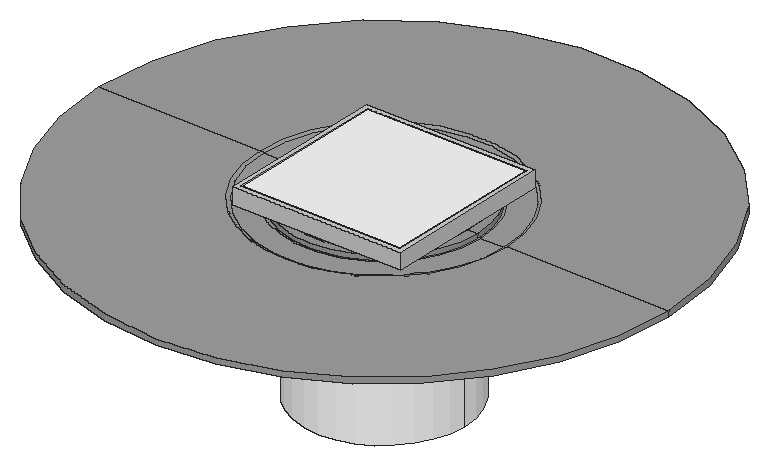
Revit family "HL_RU_Floor drain_HL72.1H-A-160411", category Instalační zařizovací předměty, Revit 2021
Family settings
  Kóta kulaté spojky = Použít průměr
  Typ dílu = Normální
  Číslo OmniClass = 23.70.50.21.24.14
  Nadpis OmniClass = Deck Waste Water Drains
  Založené na pracovní rovině = Ne
  Vždy vertikální = Ano
  Ořezat dutým tvarem při načtení = Ne
  Sdílené = Ano
  Bod výpočtu místnosti = Ano
Parameters (values of type "HL72.1H")
  РЕШЁТКА = "138x138mm / Kunststoff"
  РАЗМЕР = "DN75/110"
  ПРОПУСКНАЯ СПОСОБНОСТЬ = 1.5 L/s
  ПРОИЗВОДИТЕЛЬНОСТЬ = "1,5 l/s"
  ПРАВОВАЯ ИНФОРМАЦИЯ = "Авторские права(©), права на дизайн или какие либо другие права интелектуальной собственности являются исключительной собственностью компании HL Hutterer & Lechner. Изменению не подлежит. Файл семейства с данными о прозводителе изделия защищен паролем с водяным знаком."  # constant formula
  НОМИНАЛЬНЫЙ ДИАМЕТР = 110 mm
  НАСАДКА = "20-70mm / 147x147mm / PP"
  МАТЕРИАЛ = "PP"
  МАКСИМАЛЬНАЯ НАГРУЗКА КЛАССА = "K3 - 300 kg"
  ВЫСОТА МОНТАЖА = "170mm"
  ВЕС = "2,08 [kg]"
  Výchozí výška = 0 mm
  Přípoj ventilace = no
  Výrobce = "HL Hutterer & Lechner GmbH"  # constant formula
  URL = "http://www.hutterer-lechner.com/ru/products/catalog/floor-drains/attachments/HL72.1h.aspx"
  Přípoj odpadních dílů = yes
  Přípoj HW = no
  Popis = "Трапы для внутренних помещений"
  Model = "HL72.1H"
  Komentáře k typům = "HL72.1H Трап для внутренних помещений DN75/110 горизонтальный с битумным полотном, 147х147мм/138х138 синтетический материал."
  Keynote = "HL72.1H"
  Высота монтажа [instance] = 170 mm
  EAN = "9003076997213"
  E = НОМИНАЛЬНЫЙ ДИАМЕТР = 110 mm  # yes
  DN_test [instance] = if(or(НОМИНАЛЬНЫЙ ДИАМЕТР = 75 mm, НОМИНАЛЬНЫЙ ДИАМЕТР = 110 mm), 30 mm, 0 mm)  # 30 mm
  Přípoj CW = no
  C [instance] = if(НОМИНАЛЬНЫЙ ДИАМЕТР = 75 mm, 153.7 mm, 187 mm)  # 187 mm
  B [instance] = if(НОМИНАЛЬНЫЙ ДИАМЕТР = 110 mm, Высота монтажа - 66.1 mm, Высота монтажа - 72.1 mm)  # 103.9 mm
  A [instance] = if(B - 100 mm > 15 mm, B - 100 mm, 15 mm)  # 15 mm
Reference planes
  plane 1 "Center (Front/Back)": y = 0
  plane 2: z = 0
  plane 3 "Center (Left/Right)": x = 0
  plane 4 "Ball Joint Vertical": x = 25.45
  plane 5: z = -170
  plane 6: z = -103.9
Lines and regions (mm)
  model lines, style "InvisibleLines"
    curve 1: line (0, 0, 0) -> (0, 0, 1000)
  reference lines
    curve 2: line (0, 0, -103.9) -> (-187, 0, -103.9)
  model lines, detail levels coarse+medium
    curve 3: line (0, 0, -103.9) -> (0, 0, -88.9)
    curve 4: line (0, 0, -88.9) -> (88.9, 0, 0)
    curve 5: line (0, 0, -88.9) -> (-88.9, 0, 0)
    curve 23: line (0, 0, -103.9) -> (-187, 0, -103.9)
  symbolic lines, detail levels coarse+medium
    curve 6: line (-75, 75, 0) -> (75, 75, 0)
    curve 7: line (-75, -75, 0) -> (-75, 75, 0)
    curve 8: line (75, -75, 0) -> (-75, -75, 0)
    curve 9: line (75, 75, 0) -> (75, -75, 0)
    curve 10: line (75, 75, 0) -> (145.711, 145.711, 0)
    curve 11: line (75, -75, 0) -> (145.711, -145.711, 0)
    curve 12: line (-75, 75, 0) -> (-145.711, 145.711, 0)
    curve 13: line (-75, -75, 0) -> (-145.711, -145.711, 0)
  symbolic lines, not visible, detail levels coarse+medium
    curve 14: line (-75, 75, 0) -> (75, 75, 0)
    curve 15: line (-75, -75, 0) -> (-75, 75, 0)
    curve 16: line (75, -75, 0) -> (-75, -75, 0)
    curve 17: line (75, 75, 0) -> (75, -75, 0)
    curve 18: line (75, 75, 0) -> (145.711, 145.711, 0)
    curve 19: line (75, -75, 0) -> (145.711, -145.711, 0)
    curve 20: line (-75, 75, 0) -> (-145.711, 145.711, 0)
    curve 21: line (-75, -75, 0) -> (-145.711, -145.711, 0)
  symbolic lines, style "InvisibleLines", not visible
    curve 22: line (0, 0, 0) -> (0, 0, -30)
Text (mm)
  text "ROOF/FLOOR" at (-198.233, 0, -26.556), in view "Drain Construction View"
Dimensions and locks
  locked: plane 4 "Ball Joint Vertical" to plane 3 "Center (Left/Right)" at 25.45
  "Высота монтажа": plane 2 to plane 5
  "A": curve 5 to plane 6
  "B": curve 5 to plane 6
  "B": curve 4 to plane 6
  "B": plane 2 to plane 6
  locked: nested 3 to plane 5 at 11.05
  "DN_test": curve 22 to curve 22
  "C": plane 3 "Center (Left/Right)" to curve 23
  "C": plane 3 "Center (Left/Right)" to curve 2
  locked: nested 1 to plane 5 at 149.004
  locked: curve 4 to plane 3 "Center (Left/Right)" (angle 45.00°)
  locked: plane 3 "Center (Left/Right)" to curve 5 (angle 45.00°)
  aligned and locked: level to plane 2
  aligned and locked: plane 2 to curve 1
  aligned and locked: plane 3 "Center (Left/Right)" to curve 1
  aligned and locked: plane 3 "Center (Left/Right)" to curve 2
  aligned and locked: plane 3 "Center (Left/Right)" to curve 3
  aligned and locked: plane 3 "Center (Left/Right)" to curve 5
  aligned and locked: nested 1 to nested 4
  aligned and locked: plane 6 to curve 23
Automatic sketch dimensions
  level to curve 1 = 1000 mm
  curve 2 to plane 6 = 0 mm
Nested families
  nested 1: "HL_Корпус для трапа внутренних помещений_HL72.1KH" at (0, 0, -14.2), type "HL72.1KH_Main Component"
  nested 2: "HL_Насадка_HL0317.2E" at (0, 0, 0), type "HL0317.2E_Main Component"
    with Высота монтажа 20 mm, ВМ_Тест yes, ВМ 40 mm
  nested 3: "HL_Уменьшение_HL0317.4E" at (-113, 0, -158.95) x (-1, 0, 0) z (0, 0, -1), visible <- "E", type "HL0317.4E_Main Component"
  nested 4: "HL_Песколовка_HL0317.5E" at (0, 0, -20.45), type "HL0317.5E_Main Component"
  nested 5: "HL_Решётка_HL072.1E" at (0, 0, 0), type "HL072.1E_Main Component"
Connectors
  piping at (-187, 0, -103.9), diameter 110, driven by "ПРОПУСКНАЯ СПОСОБНОСТЬ", driven by "НОМИНАЛЬНЫЙ ДИАМЕТР"
    settings: on curve 2, index 1, connector inside diameter 609.6 mm, connector length 0 mm, flow factor 0, pipe flow 1.5 L/s, pressure drop 0.0 Pa, fitting loss kfactor 0, connector angle 0.00°, fixture units 0, engagement length 0 mm, angle of deflection 0.00°, flow configuration 1, flow direction 2, fitting loss method 0, system type 16, joint type 0, gender type 0, connector reference index -1, connector utility 0, adjustable connector yes, is connector primary yes, connector description ""
Definition of nested family "HL_Корпус для трапа внутренних помещений_HL72.1KH"
  Parameters (values of type "HL72.1KH")
    РАЗМЕР = "DN75/110"
    ПРОИЗВОДИТЕЛЬНОСТЬ = "1,5 l/s"
    ПРАВОВАЯ ИНФОРМАЦИЯ = "Авторские права(©), права на дизайн или какие либо другие права интелектуальной собственности являются исключительной собственностью компании HL Hutterer & Lechner. Изменению не подлежит. Файл семейства с данными о прозводителе изделия защищен паролем с водяным знаком."  # constant formula
    МАТЕРИАЛ = "PP"
    ВЫСОТА МОНТАЖА = "150mm"
    ВЕС = "1,57 [kg]"
    Waste Connection = yes
    Default Elevation = 0 mm
    Vent Connection = no
    Manufacturer = "HL Hutterer & Lechner GmbH"  # constant formula
    URL = "http://www.hutterer-lechner.com/ru/Products/catalog/floor-drains/attachments/HL72.1KH.aspx"
    HW Connection = no
    Description = "Трапы для внутренних помещений - Комплектующие"
    Model = "HL72.1KH"
    Type Comments = "HL72.1KH"
    Keynote = "HL72.1KH"
    EAN = "9003076008995"
    CW Connection = no
  Reference planes
    plane 1 "Center (Front/Back)": y = 0
    plane 2: z = 0
    plane 3 "Center (Left/Right)": x = 0
    plane 4 "Ball Joint Vertical": x = 25.45
  Forms (mm)
    Revolve 1, solid, detail levels fine
      sketch origin (0, 0, 0) x (1, 0, 0) y (0, 0, 1)
        loop
          line (0, -155.8) -> (71, -155.8) -> (71, -40.3) -> (83.205, -40.3) -> (89.5, -26.8) -> (89.5, -17) -> (94.734, -17) -> (95.169, -8.715) -> (79.5, -8.715) -> (79.5, -35.25) -> (68, -35.25) -> (68, -37.01) -> (60.505, -37.01) -> (60.505, -46.51) -> (68, -46.51) -> (68, -152.8) -> (0, -152.8) -> (0, -155.8)
        axis (0, -8.715) -> (0, -155.8)
      angle from 0 to 360
    Revolve 2, solid, detail levels fine
      sketch origin (0, 0, 0) x (1, 0, 0) y (0, 0, 1)
        loop
          line (95.169, -8.715) -> (109.454, -7.465) -> (147.749, -6.796) -> (250, -6.796) -> (250, -1.759) -> (108.368, -1.759)
          arc (108.368, -1.759) -> (107.012, -2.429) -> (105.528, -2.714) r 5.645
          line (105.528, -2.714) -> (85.378, -3.066)
          arc (85.378, -3.066) -> (83.904, -3.254) -> (82.5, -3.74) r 7.21
          line (82.5, -3.74) -> (82.5, -8.715) -> (95.169, -8.715)
        axis (0, -1.759) -> (0, -8.715)
      angle from 0 to 360
    Revolve 3, solid, detail levels fine
      sketch origin (0, 0, 0) x (1, 0, 0) y (0, 0, 1)
        loop
          line (82.5, 0) -> (74.9, 0)
          arc (74.9, 0) -> (72.291, -1.519) -> (72.325, -4.538) r 3
          line (72.325, -4.538) -> (72.999, -6.497) -> (72.999, -35.25) -> (79.5, -35.25) -> (79.5, -8.715) -> (82.5, -8.715) -> (82.5, 0)
        axis (0, 0) -> (0, -35.25)
      angle from 0 to 360
    Revolve 4, solid, detail levels fine
      sketch origin (0, 0, 0) x (1, 0, 0) y (0, 0, 1)
        loop
          line (-153.7, -46.25) -> (-153.7, -49.25) -> (-42.114, -49.25) -> (-42.114, -46.25) -> (-153.7, -46.25)
        axis (-153.7, -83.75) -> (-42.114, -83.75)
      angle from 0 to 360
    Extrusion 5, solid, detail levels fine
      sketch origin (0, 0, 0) x (1, 0, 0) y (0, 1, 0)
        loop
          circle (0, 0) r 60.505
      from -46.51 to -45.51
    Extrusion 6, void
      sketch origin (0, 0, 0) x (1, 0, 0) y (0, 1, 0)
        loop
          line (35.837, 48.75) -> (-19.675, 48.75) -> (-19.675, -48.75) -> (35.837, -48.75)
          arc (35.837, -48.75) -> (40.91, -44.579) -> (45.5, -39.883) r 60.505
          line (45.5, -39.883) -> (45.5, 39.883)
          arc (45.5, 39.883) -> (40.91, 44.579) -> (35.837, 48.75) r 60.505
      from -63.873 to -26.8
    Extrusion 7, solid, detail levels fine
      sketch origin (0, 0, 0) x (1, 0, 0) y (0, 1, 0)
        loop
          arc (35.837, 48.75) -> (34.778, 49.512) -> (33.702, 50.25) r 60.505
          line (33.702, 50.25) -> (-4.07, 50.25) -> (-4.07, 48.75) -> (35.837, 48.75)
        loop
          line (-4.07, -48.75) -> (-4.07, -50.25) -> (33.702, -50.25)
          arc (33.702, -50.25) -> (34.778, -49.512) -> (35.837, -48.75) r 60.505
          line (35.837, -48.75) -> (-4.07, -48.75)
        loop
          line (45.5, 39.883) -> (45.5, -39.883)
          arc (45.5, -39.883) -> (46.259, -39) -> (47, -38.103) r 60.505
          line (47, -38.103) -> (47, 38.103)
          arc (47, 38.103) -> (46.259, 39) -> (45.5, 39.883) r 60.505
      from -134.01 to -46.51
    Extrusion 8, solid, detail levels fine
      sketch origin (0, 0, 0) x (1, 0, 0) y (0, 0, 1)
        loop
          line (-21, -46.51) -> (-5.571, -134.01) -> (-4.07, -134.01) -> (-19.499, -46.51) -> (-21, -46.51)
      from 50.25 to -50.25
    Extrusion 9, solid, detail levels fine
      sketch origin (0, 0, 0) x (1, 0, 0) y (0, 0, 1)
        loop
          line (-4.07, -134.01) -> (-4.07, -46.51) -> (-19.499, -46.51) -> (-4.07, -134.01)
      from -48.75 to -50.25
    Extrusion 10, solid, detail levels fine
      sketch origin (0, 0, 0) x (1, 0, 0) y (0, 0, 1)
        loop
          line (-4.07, -46.51) -> (-19.499, -46.51) -> (-4.07, -134.01) -> (-4.07, -46.51)
      from 48.75 to 50.25
    Extrusion 11, void
      sketch origin (0, 0, 0) x (0, 1, 0) y (0, 0, 1)
        loop
          circle (0, -83.75) r 34.5
      from -42.114 to -128.469
    Revolve 12, void
      sketch origin (0, 0, 0) x (1, 0, 0) y (0, 0, 1)
        loop
          line (0, -129.446) -> (68, -129.446) -> (68, 17.174) -> (0, 17.174) -> (0, -129.446)
        axis (0, 17.174) -> (0, -129.446)
      angle from 0 to 360
    Extrusion 13, solid, detail levels fine
      sketch origin (0, 0, 0) x (1, 0, 0) y (0, 1, 0)
        loop
          arc (-30.916, 60.566) -> (-32.179, 59.904) -> (-33.429, 59.216) r 68
          arc (-33.429, 59.216) -> (-42.009, 0) -> (-33.429, -59.216) r 208.633
          arc (-33.429, -59.216) -> (-32.184, -59.901) -> (-30.926, -60.56) r 68
          arc (-30.926, -60.56) -> (-39.972, 0.003) -> (-30.916, 60.566) r 207.146
      from -75.3 to -152.8
  Cuts and joins
    Extrusion 11 cuts Revolve 1
    Extrusion 6 cuts Extrusion 5
    joined: Revolve 1, Extrusion 5, Extrusion 7, Extrusion 8, Extrusion 9, Extrusion 10, Extrusion 13
    Revolve 12 cuts Revolve 4
  Lines and regions (mm)
    model lines, detail levels fine
      curve 1: line (-5.307, 98.186, -1.759) -> (-3.194, 98.186, -1.759)
      curve 2: line (-4.093, 97.29, -1.759) -> (-5.307, 97.29, -1.759)
      curve 3: line (-4.093, 97.29, -1.759) -> (-4.093, 93.786, -1.759)
      curve 4: line (-3.194, 98.186, -1.759) -> (-3.194, 93.786, -1.759)
      curve 5: line (-1.279, 97.732, -1.759) -> (-1.279, 96.767, -1.759)
      curve 6: line (-2.179, 97.732, -1.759) -> (-2.179, 93.786, -1.759)
      curve 7: arc (-2.179, 97.732, -1.759) -> (-1.729, 98.182, -1.759) -> (-1.279, 97.732, -1.759) r 0.45
      curve 8: arc (-2.179, 93.786, -1.759) -> (-1.729, 93.336, -1.759) -> (-1.279, 93.786, -1.759) r 0.45
      curve 9: arc (-0.662, 96.154, -1.759) -> (-1.096, 96.333, -1.759) -> (-1.275, 96.767, -1.759) r 0.613
      curve 10: line (-1.279, 93.786, -1.759) -> (-1.279, 94.751, -1.759)
      curve 11: arc (-0.662, 95.364, -1.759) -> (-1.096, 95.185, -1.759) -> (-1.275, 94.751, -1.759) r 0.613
      curve 12: line (1.033, 97.732, -1.759) -> (1.033, 96.767, -1.759)
      curve 13: line (1.933, 97.732, -1.759) -> (1.933, 93.786, -1.759)
      curve 14: arc (1.933, 97.732, -1.759) -> (1.483, 98.182, -1.759) -> (1.033, 97.732, -1.759) r 0.45
      curve 15: arc (1.933, 93.786, -1.759) -> (1.483, 93.336, -1.759) -> (1.033, 93.786, -1.759) r 0.45
      curve 16: arc (0.417, 96.154, -1.759) -> (0.85, 96.333, -1.759) -> (1.03, 96.767, -1.759) r 0.613
      curve 17: line (1.033, 93.786, -1.759) -> (1.033, 94.751, -1.759)
      curve 18: arc (0.417, 95.364, -1.759) -> (0.85, 95.185, -1.759) -> (1.03, 94.751, -1.759) r 0.613
      curve 19: line (-0.662, 96.154, -1.759) -> (0.417, 96.154, -1.759)
      curve 20: line (-0.662, 95.364, -1.759) -> (0.417, 95.364, -1.759)
      curve 21: arc (-5.307, 98.186, -1.759) -> (-5.755, 97.738, -1.759) -> (-5.307, 97.29, -1.759) r 0.448
      curve 22: arc (-3.194, 93.786, -1.759) -> (-3.644, 93.337, -1.759) -> (-4.093, 93.786, -1.759) r 0.45
  Text (mm)
    text "ROOF/FLOOR" at (-198.233, 0, -26.556), in view "Drain Construction View"
  Dimensions and locks
    locked: plane 4 "Ball Joint Vertical" to plane 3 "Center (Left/Right)" at 25.45
    aligned and locked: level to plane 2
Definition of nested family "HL_Насадка_HL0317.2E"
  Parameters
    РАЗМЕР = "d 145 mm"
    ПРАВОВАЯ ИНФОРМАЦИЯ = "Авторские права(©), права на дизайн или какие либо другие права интелектуальной собственности являются исключительной собственностью компании HL Hutterer & Lechner. Изменению не подлежит. Файл семейства с данными о прозводителе изделия защищен паролем с водяным знаком."  # constant formula
    НАСАДКА = "147x147mm"
    МАТЕРИАЛ = "PP-V2A"
    Высота монтажа [instance] = 70 mm
    ВЫСОТА МОНТАЖА = "20-70mm"
    ВМ_Тест [instance] = and(or(Высота монтажа < ВМ_Max, Высота монтажа > ВМ_Min, Высота монтажа = ВМ_Min))  # yes
    ВМ_Min = 20 mm
    ВМ_Max = 70 mm
    ВМ [instance] = if(ВМ_Тест, Высота монтажа + 20 mm, 0 mm)  # 90 mm
    ВЕС = "0,13 [kg]"
    Waste Connection = yes
    Default Elevation = 0 mm
    Vent Connection = no
    Manufacturer = "HL Hutterer & Lechner GmbH"  # constant formula
    URL = "http://www.hutterer-lechner.com/ru/Products/catalog/floor-drains/attachments/HL0317.2E.aspx"
    HW Connection = no
    Description = "Трапы для внутренних помещений - Комплектующие"
    Model = "HL0317.2E"
    Type Comments = "HL0317.2E Насадные подрамники d 145мм/90мм/147х147мм"
    Keynote = "HL0317.2E"
    EAN = "9003076317028"
    CW Connection = no
  Reference planes
    plane 1 "Center (Front/Back)": y = 0
    plane 2: z = 0
    plane 3 "Center (Left/Right)": x = 0
    plane 4 "Ball Joint Vertical": x = 25.45
    plane 5: z = -90
  Forms (mm)
    Extrusion 1, solid, detail levels fine
      sketch origin (0, 0, 0) x (1, 0, 0) y (0, 1, 0)
        loop
          line (69.5, 69.5) -> (-69.5, 69.5) -> (-69.5, -69.5) -> (69.5, -69.5) -> (69.5, 69.5)
        loop
          line (73.5, 73.5) -> (-73.5, 73.5) -> (-73.5, -73.5) -> (73.5, -73.5) -> (73.5, 73.5)
      from 0 to -14
    Extrusion 2, solid, detail levels fine
      sketch origin (0, 0, 0) x (1, 0, 0) y (0, 1, 0)
        loop
          line (-21.332, 69.5) -> (-69.5, 69.5) -> (-69.5, 21.332)
          arc (-69.5, 21.332) -> (-51.407, 51.407) -> (-21.332, 69.5) r 72.7
        loop
          line (69.5, 21.332) -> (69.5, 69.5) -> (21.332, 69.5)
          arc (21.332, 69.5) -> (51.407, 51.407) -> (69.5, 21.332) r 72.7
        loop
          line (21.332, -69.5) -> (69.5, -69.5) -> (69.5, -21.332)
          arc (69.5, -21.332) -> (51.407, -51.407) -> (21.332, -69.5) r 72.7
        loop
          line (-69.5, -21.332) -> (-69.5, -69.5) -> (-21.332, -69.5)
          arc (-21.332, -69.5) -> (-51.407, -51.407) -> (-69.5, -21.332) r 72.7
      from -5 to -14
    Revolve 3, solid, detail levels fine
      sketch origin (0, 0, 0) x (0, 1, 0) y (0, 0, 1)
        loop
          line (72.5, -14) -> (69.3, -14) -> (69.3, -90) -> (72.5, -90) -> (72.5, -14)
        axis (0, -14) -> (0, -90)
      angle from 0 to 360
  Cuts and joins
    joined: Extrusion 1, Extrusion 2, Revolve 3
  Lines and regions (mm)
    symbolic lines, not visible
      curve 1: line (0, 0, -90) -> (0, 0, 0)
    model lines
      curve 2: line (0, 0, 0) -> (0, 0, 100)
  Text (mm)
    text "ROOF/FLOOR" at (-198.233, 0, -26.556), in view "Drain Construction View"
  Dimensions and locks
    locked: plane 4 "Ball Joint Vertical" to plane 3 "Center (Left/Right)" at 25.45
    "ВМ": plane 2 to plane 5
    aligned and locked: level to plane 2
    aligned and locked: plane 5 to cut or joined group of Extrusion 1, Extrusion 2, Revolve 3
    aligned and locked: plane 2 to curve 1
    aligned and locked: plane 5 to curve 1
    aligned and locked: plane 3 "Center (Left/Right)" to curve 1
  Automatic sketch dimensions
    Extrusion 1 sketch curve to plane 3 "Center (Left/Right)" = 73.5 mm
    Extrusion 1 sketch curve to Extrusion 1 sketch curve = 4 mm  (x4)
    plane 4 "Ball Joint Vertical" to Extrusion 1 sketch curve = 44.05 mm
    plane 1 "Center (Front/Back)" to Extrusion 1 sketch curve = 73.5 mm
    Extrusion 1 sketch curve to plane 1 "Center (Front/Back)" = 69.5 mm
    Extrusion 2 sketch curve to Extrusion 2 sketch curve = 0 mm  (x13)
    plane 1 "Center (Front/Back)" to Extrusion 2 sketch curve = 0 mm
    Extrusion 2 sketch curve to plane 3 "Center (Left/Right)" = 0 mm
    Extrusion 2 sketch curve to plane 3 "Center (Left/Right)" = 21.332 mm  (x2)
    Extrusion 2 sketch curve to Extrusion 2 sketch curve = 48.168 mm  (x2)
    Extrusion 2 sketch curve to plane 4 "Ball Joint Vertical" = 4.118 mm  (x2)
    plane 4 "Ball Joint Vertical" to Extrusion 2 sketch curve = 44.05 mm  (x2)
    plane 1 "Center (Front/Back)" to Extrusion 2 sketch curve = 21.332 mm  (x2)
    Extrusion 2 sketch curve to plane 1 "Center (Front/Back)" = 21.332 mm
    Extrusion 2 sketch curve to plane 1 "Center (Front/Back)" = 69.5 mm
    Revolve 3 sketch curve to plane 1 "Center (Front/Back)" = 0 mm
    Revolve 3 sketch curve to plane 5 = 0 mm
    Revolve 3 sketch curve to level = 14 mm
    Revolve 3 sketch curve to plane 1 "Center (Front/Back)" = 69.3 mm
    Revolve 3 sketch curve to Revolve 3 sketch curve = 3.2 mm
    Revolve 3 sketch curve to plane 5 = 430.992 mm
    level to Revolve 3 sketch curve = 2741.474 mm
    curve 2 to curve 2 = 100 mm
Definition of nested family "HL_Уменьшение_HL0317.4E"
  Parameters (values of type "HL0317.4E")
    РАЗМЕР = "DN110xDN75"
    ПРАВОВАЯ ИНФОРМАЦИЯ = "Авторские права(©), права на дизайн или какие либо другие права интелектуальной собственности являются исключительной собственностью компании HL Hutterer & Lechner. Изменению не подлежит. Файл семейства с данными о прозводителе изделия защищен паролем с водяным знаком."  # constant formula
    МАТЕРИАЛ = "PP"
    ВЕС = "0,10 [kg]"
    Waste Connection = yes
    Default Elevation = 0 mm
    Vent Connection = no
    Manufacturer = "HL Hutterer & Lechner GmbH"  # constant formula
    URL = "http://www.hutterer-lechner.com/ru/Products/catalog/floor-drains/attachments/HL0317.4E.aspx"
    HW Connection = no
    Description = "Трапы для внутренних помещений - Комплектующие"
    Model = "HL0317.4E"
    Type Comments = "HL0317.4E Уменьшение DN110xDN75"
    Keynote = "HL0317.4E"
    EAN = "9003076317042"
    CW Connection = no
  Reference planes
    plane 1 "Center (Front/Back)": y = 0
    plane 2: z = 0
    plane 3 "Center (Left/Right)": x = 0
    plane 4 "Ball Joint Vertical": x = 25.45
  Forms (mm)
    Revolve 1, solid, detail levels fine
      sketch origin (0, 0, 0) x (1, 0, 0) y (0, 0, 1)
        loop
          line (74, -2.7) -> (74, 0) -> (0, 0) -> (0, -55) -> (3, -55) -> (3, -2.7) -> (74, -2.7)
        axis (74, -55) -> (0, -55)
      angle from 0 to 360
    Revolve 2, solid, detail levels fine
      sketch origin (0, 0, 0) x (1, 0, 0) y (0, 0, 1)
        loop
          line (-15, -21.165) -> (-15, -23.3) -> (39.9, -23.3) -> (39.9, -21.3) -> (0, -21.3) -> (0, -17) -> (-8.629, -17) -> (-11.112, -21.165) -> (-15, -21.165)
        axis (-15, -61) -> (39.9, -61)
      angle from 0 to 360
    Extrusion 3, void
      sketch origin (0, 0, 0) x (0, 1, 0) y (0, 0, 1)
        loop
          arc (-33.715, -46.537) -> (-35.917, -53.62) -> (-36.661, -61) r 36.983
          arc (-36.661, -61) -> (-12.182, -95.805) -> (28.85, -84.535) r 36.983
          arc (28.85, -84.535) -> (31.932, -80.198) -> (34.36, -75.463) r 36.983
          arc (34.36, -75.463) -> (36.561, -68.38) -> (37.305, -61) r 36.983
          arc (37.305, -61) -> (7.702, -24.761) -> (-33.715, -46.537) r 36.983
      from 55.439 to -38.757
  Cuts and joins
    Extrusion 3 cuts Revolve 1
  Text (mm)
    text "ROOF/FLOOR" at (-198.233, 0, -26.556), in view "Drain Construction View"
  Dimensions and locks
    locked: plane 4 "Ball Joint Vertical" to plane 3 "Center (Left/Right)" at 25.45
    aligned and locked: level to plane 2
Definition of nested family "HL_Песколовка_HL0317.5E"
  Parameters (values of type "HL0317.5E")
    ПРАВОВАЯ ИНФОРМАЦИЯ = "Авторские права(©), права на дизайн или какие либо другие права интелектуальной собственности являются исключительной собственностью компании HL Hutterer & Lechner. Изменению не подлежит. Файл семейства с данными о прозводителе изделия защищен паролем с водяным знаком."  # constant formula
    МАТЕРИАЛ = "PP"
    ВЕС = "0,03[kg]"
    Waste Connection = yes
    Default Elevation = 0 mm
    Vent Connection = no
    Manufacturer = "HL Hutterer & Lechner GmbH"  # constant formula
    URL = "http://www.hutterer-lechner.com/ru/Products/catalog/floor-drains/attachments/HL0317.5E.aspx"
    HW Connection = no
    Description = "Трапы для внутренних помещений - Комплектующие"
    Model = "HL0317.5E"
    Type Comments = "HL0317.5E Песколовка"
    Keynote = "HL0317.5E"
    EAN = "9003076317059"
    CW Connection = no
  Reference planes
    plane 1 "Center (Front/Back)": y = 0
    plane 2: z = 0
    plane 3 "Center (Left/Right)": x = 0
    plane 4 "Ball Joint Vertical": x = 25.45
  Forms (mm)
    Revolve 1, solid, detail levels fine
      sketch origin (0, 0, 0) x (0, 1, 0) y (0, 0, 1)
        loop
          line (69, -29) -> (69, 0) -> (67.3, 0) -> (67.3, -27.3) -> (22, -27.3) -> (22, -8) -> (19, -8) -> (19, -29) -> (69, -29)
        axis (0, 0) -> (0, -29)
      angle from 0 to 360
  Lines and regions (mm)
    model lines, detail levels fine
      curve 1: circle (-44.62, 0, -27.3) r 5 normal (0, 0, 1)
      curve 2: circle (0, 44.62, -27.3) r 5 normal (0, 0, 1)
      curve 3: circle (44.62, 0, -27.3) r 5 normal (0, 0, 1)
      curve 4: circle (0, -44.62, -27.3) r 5 normal (0, 0, -1)
      curve 5: circle (-38.642, 22.31, -27.3) r 5 normal (0, 0, 1)
      curve 6: circle (22.31, 38.642, -27.3) r 5 normal (0, 0, 1)
      curve 7: circle (38.642, -22.31, -27.3) r 5 normal (0, 0, 1)
      curve 8: circle (-22.31, -38.642, -27.3) r 5 normal (0, 0, -1)
      curve 9: circle (-22.31, 38.642, -27.3) r 5 normal (0, 0, 1)
      curve 10: circle (38.642, 22.31, -27.3) r 5 normal (0, 0, 1)
      curve 11: circle (22.31, -38.642, -27.3) r 5 normal (0, 0, 1)
      curve 12: circle (-38.642, -22.31, -27.3) r 5 normal (0, 0, -1)
  Text (mm)
    text "ROOF/FLOOR" at (-198.233, 0, -26.556), in view "Drain Construction View"
  Dimensions and locks
    locked: plane 4 "Ball Joint Vertical" to plane 3 "Center (Left/Right)" at 25.45
    aligned and locked: level to plane 2
Definition of nested family "HL_Решётка_HL072.1E"
  Parameters (values of type "HL072.1E")
    РАЗМЕР = "138x138 mm"
    ПРАВОВАЯ ИНФОРМАЦИЯ = "Авторские права(©), права на дизайн или какие либо другие права интелектуальной собственности являются исключительной собственностью компании HL Hutterer & Lechner. Изменению не подлежит. Файл семейства с данными о прозводителе изделия защищен паролем с водяным знаком."  # constant formula
    МАТЕРИАЛ = "PA"
    МАКСИМАЛЬНАЯ НАГРУЗКА КЛАССА = "K3 - 300 kg"
    ВЕС = "0,09 [kg]"
    Waste Connection = yes
    Default Elevation = 0 mm
    Vent Connection = no
    Manufacturer = "HL Hutterer & Lechner GmbH"  # constant formula
    URL = "http://www.hutterer-lechner.com/ru/Products/catalog/floor-drains/attachments/HL072.1E.aspx"
    HW Connection = no
    Description = "Трапы для внутренних помещений - Комплектующие"
    Model = "HL072.1E"
    Type Comments = "HL072.1E Решетка для сливного отверстия из пластмассы 138х138мм"
    Keynote = "HL072.1E"
    EAN = "9003076007219"
    CW Connection = no
  Reference planes
    plane 1 "Center (Front/Back)": y = 0
    plane 2: z = 0
    plane 3 "Center (Left/Right)": x = 0
    plane 4 "Ball Joint Vertical": x = 25.45
  Forms (mm)
    Extrusion 1, solid, detail levels fine
      sketch origin (0, 0, 0) x (1, 0, 0) y (0, 1, 0)
        loop
          line (-69, 69) -> (-69, -69) -> (69, -69) -> (69, 69) -> (-69, 69)
      from 0 to -5
    Extrusion 2, solid, detail levels fine
      sketch origin (0, 0, 0) x (1, 0, 0) y (0, 1, 0)
        loop
          line (-57, 57) -> (-57, -57) -> (57, -57) -> (57, 57) -> (-57, 57)
      from -5 to -10
  Cuts and joins
    joined: Extrusion 1, Extrusion 2
  Lines and regions (mm)
    model lines, detail levels fine
      curve 1: line (-53, 55.05, 0) -> (-49, 55.05, 0)
      curve 2: line (-47, 53.05, 0) -> (-47, 9.75, 0)
      curve 3: line (-55, 9.75, 0) -> (-55, 53.05, 0)
      curve 4: line (-49, 7.75, 0) -> (-53, 7.75, 0)
      curve 5: arc (-53, 55.05, 0) -> (-54.414, 54.464, 0) -> (-55, 53.05, 0) r 2
      curve 6: arc (-49, 55.05, 0) -> (-47.586, 54.464, 0) -> (-47, 53.05, 0) r 2
      curve 7: arc (-47, 9.75, 0) -> (-47.586, 8.336, 0) -> (-49, 7.75, 0) r 2
      curve 8: arc (-53, 7.75, 0) -> (-54.414, 8.336, 0) -> (-55, 9.75, 0) r 2
      curve 9: line (-36, 55.05, 0) -> (-32, 55.05, 0)
      curve 10: line (-30, 53.05, 0) -> (-30, 9.75, 0)
      curve 11: line (-38, 9.75, 0) -> (-38, 53.05, 0)
      curve 12: line (-32, 7.75, 0) -> (-36, 7.75, 0)
      curve 13: arc (-36, 55.05, 0) -> (-37.414, 54.464, 0) -> (-38, 53.05, 0) r 2
      curve 14: arc (-32, 55.05, 0) -> (-30.586, 54.464, 0) -> (-30, 53.05, 0) r 2
      curve 15: arc (-30, 9.75, 0) -> (-30.586, 8.336, 0) -> (-32, 7.75, 0) r 2
      curve 16: arc (-36, 7.75, 0) -> (-37.414, 8.336, 0) -> (-38, 9.75, 0) r 2
      curve 17: line (-19, 55.05, 0) -> (-15, 55.05, 0)
      curve 18: line (-13, 53.05, 0) -> (-13, 9.75, 0)
      curve 19: line (-21, 9.75, 0) -> (-21, 53.05, 0)
      curve 20: line (-15, 7.75, 0) -> (-19, 7.75, 0)
      curve 21: arc (-19, 55.05, 0) -> (-20.414, 54.464, 0) -> (-21, 53.05, 0) r 2
      curve 22: arc (-15, 55.05, 0) -> (-13.586, 54.464, 0) -> (-13, 53.05, 0) r 2
      curve 23: arc (-13, 9.75, 0) -> (-13.586, 8.336, 0) -> (-15, 7.75, 0) r 2
      curve 24: arc (-19, 7.75, 0) -> (-20.414, 8.336, 0) -> (-21, 9.75, 0) r 2
      curve 25: line (-2, 55.05, 0) -> (2, 55.05, 0)
      curve 26: line (4, 53.05, 0) -> (4, 9.75, 0)
      curve 27: line (-4, 9.75, 0) -> (-4, 53.05, 0)
      curve 28: line (2, 7.75, 0) -> (-2, 7.75, 0)
      curve 29: arc (-2, 55.05, 0) -> (-3.414, 54.464, 0) -> (-4, 53.05, 0) r 2
      curve 30: arc (2, 55.05, 0) -> (3.414, 54.464, 0) -> (4, 53.05, 0) r 2
      curve 31: arc (4, 9.75, 0) -> (3.414, 8.336, 0) -> (2, 7.75, 0) r 2
      curve 32: arc (-2, 7.75, 0) -> (-3.414, 8.336, 0) -> (-4, 9.75, 0) r 2
      curve 33: line (15, 55.05, 0) -> (19, 55.05, 0)
      curve 34: line (21, 53.05, 0) -> (21, 9.75, 0)
      curve 35: line (13, 9.75, 0) -> (13, 53.05, 0)
      curve 36: line (19, 7.75, 0) -> (15, 7.75, 0)
      curve 37: arc (15, 55.05, 0) -> (13.586, 54.464, 0) -> (13, 53.05, 0) r 2
      curve 38: arc (19, 55.05, 0) -> (20.414, 54.464, 0) -> (21, 53.05, 0) r 2
      curve 39: arc (21, 9.75, 0) -> (20.414, 8.336, 0) -> (19, 7.75, 0) r 2
      curve 40: arc (15, 7.75, 0) -> (13.586, 8.336, 0) -> (13, 9.75, 0) r 2
      curve 41: line (32, 55.05, 0) -> (36, 55.05, 0)
      curve 42: line (38, 53.05, 0) -> (38, 9.75, 0)
      curve 43: line (30, 9.75, 0) -> (30, 53.05, 0)
      curve 44: line (36, 7.75, 0) -> (32, 7.75, 0)
      curve 45: arc (32, 55.05, 0) -> (30.586, 54.464, 0) -> (30, 53.05, 0) r 2
      curve 46: arc (36, 55.05, 0) -> (37.414, 54.464, 0) -> (38, 53.05, 0) r 2
      curve 47: arc (38, 9.75, 0) -> (37.414, 8.336, 0) -> (36, 7.75, 0) r 2
      curve 48: arc (32, 7.75, 0) -> (30.586, 8.336, 0) -> (30, 9.75, 0) r 2
      curve 49: line (49, 55.05, 0) -> (53, 55.05, 0)
      curve 50: line (55, 53.05, 0) -> (55, 9.75, 0)
      curve 51: line (47, 9.75, 0) -> (47, 53.05, 0)
      curve 52: line (53, 7.75, 0) -> (49, 7.75, 0)
      curve 53: arc (49, 55.05, 0) -> (47.586, 54.464, 0) -> (47, 53.05, 0) r 2
      curve 54: arc (53, 55.05, 0) -> (54.414, 54.464, 0) -> (55, 53.05, 0) r 2
      curve 55: arc (55, 9.75, 0) -> (54.414, 8.336, 0) -> (53, 7.75, 0) r 2
      curve 56: arc (49, 7.75, 0) -> (47.586, 8.336, 0) -> (47, 9.75, 0) r 2
      curve 57: line (-53, -55.05, 0) -> (-49, -55.05, 0)
      curve 58: line (-47, -53.05, 0) -> (-47, -9.75, 0)
      curve 59: line (-55, -9.75, 0) -> (-55, -53.05, 0)
      curve 60: line (-49, -7.75, 0) -> (-53, -7.75, 0)
      curve 61: arc (-53, -55.05, 0) -> (-54.414, -54.464, 0) -> (-55, -53.05, 0) r 2
      curve 62: arc (-49, -55.05, 0) -> (-47.586, -54.464, 0) -> (-47, -53.05, 0) r 2
      curve 63: arc (-47, -9.75, 0) -> (-47.586, -8.336, 0) -> (-49, -7.75, 0) r 2
      curve 64: arc (-53, -7.75, 0) -> (-54.414, -8.336, 0) -> (-55, -9.75, 0) r 2
      curve 65: line (-36, -55.05, 0) -> (-32, -55.05, 0)
      curve 66: line (-30, -53.05, 0) -> (-30, -9.75, 0)
      curve 67: line (-38, -9.75, 0) -> (-38, -53.05, 0)
      curve 68: line (-32, -7.75, 0) -> (-36, -7.75, 0)
      curve 69: arc (-36, -55.05, 0) -> (-37.414, -54.464, 0) -> (-38, -53.05, 0) r 2
      curve 70: arc (-32, -55.05, 0) -> (-30.586, -54.464, 0) -> (-30, -53.05, 0) r 2
      curve 71: arc (-30, -9.75, 0) -> (-30.586, -8.336, 0) -> (-32, -7.75, 0) r 2
      curve 72: arc (-36, -7.75, 0) -> (-37.414, -8.336, 0) -> (-38, -9.75, 0) r 2
      curve 73: line (-19, -55.05, 0) -> (-15, -55.05, 0)
      curve 74: line (-13, -53.05, 0) -> (-13, -9.75, 0)
      curve 75: line (-21, -9.75, 0) -> (-21, -53.05, 0)
      curve 76: line (-15, -7.75, 0) -> (-19, -7.75, 0)
      curve 77: arc (-19, -55.05, 0) -> (-20.414, -54.464, 0) -> (-21, -53.05, 0) r 2
      curve 78: arc (-15, -55.05, 0) -> (-13.586, -54.464, 0) -> (-13, -53.05, 0) r 2
      curve 79: arc (-13, -9.75, 0) -> (-13.586, -8.336, 0) -> (-15, -7.75, 0) r 2
      curve 80: arc (-19, -7.75, 0) -> (-20.414, -8.336, 0) -> (-21, -9.75, 0) r 2
      curve 81: line (-2, -55.05, 0) -> (2, -55.05, 0)
      curve 82: line (4, -53.05, 0) -> (4, -9.75, 0)
      curve 83: line (-4, -9.75, 0) -> (-4, -53.05, 0)
      curve 84: line (2, -7.75, 0) -> (-2, -7.75, 0)
      curve 85: arc (-2, -55.05, 0) -> (-3.414, -54.464, 0) -> (-4, -53.05, 0) r 2
      curve 86: arc (2, -55.05, 0) -> (3.414, -54.464, 0) -> (4, -53.05, 0) r 2
      curve 87: arc (4, -9.75, 0) -> (3.414, -8.336, 0) -> (2, -7.75, 0) r 2
      curve 88: arc (-2, -7.75, 0) -> (-3.414, -8.336, 0) -> (-4, -9.75, 0) r 2
      curve 89: line (15, -55.05, 0) -> (19, -55.05, 0)
      curve 90: line (21, -53.05, 0) -> (21, -9.75, 0)
      curve 91: line (13, -9.75, 0) -> (13, -53.05, 0)
      curve 92: line (19, -7.75, 0) -> (15, -7.75, 0)
      curve 93: arc (15, -55.05, 0) -> (13.586, -54.464, 0) -> (13, -53.05, 0) r 2
      curve 94: arc (19, -55.05, 0) -> (20.414, -54.464, 0) -> (21, -53.05, 0) r 2
      curve 95: arc (21, -9.75, 0) -> (20.414, -8.336, 0) -> (19, -7.75, 0) r 2
      curve 96: arc (15, -7.75, 0) -> (13.586, -8.336, 0) -> (13, -9.75, 0) r 2
      curve 97: line (32, -55.05, 0) -> (36, -55.05, 0)
      curve 98: line (38, -53.05, 0) -> (38, -9.75, 0)
      curve 99: line (30, -9.75, 0) -> (30, -53.05, 0)
      curve 100: line (36, -7.75, 0) -> (32, -7.75, 0)
      curve 101: arc (32, -55.05, 0) -> (30.586, -54.464, 0) -> (30, -53.05, 0) r 2
      curve 102: arc (36, -55.05, 0) -> (37.414, -54.464, 0) -> (38, -53.05, 0) r 2
      curve 103: arc (38, -9.75, 0) -> (37.414, -8.336, 0) -> (36, -7.75, 0) r 2
      curve 104: arc (32, -7.75, 0) -> (30.586, -8.336, 0) -> (30, -9.75, 0) r 2
      curve 105: line (49, -55.05, 0) -> (53, -55.05, 0)
      curve 106: line (55, -53.05, 0) -> (55, -9.75, 0)
      curve 107: line (47, -9.75, 0) -> (47, -53.05, 0)
      curve 108: line (53, -7.75, 0) -> (49, -7.75, 0)
      curve 109: arc (49, -55.05, 0) -> (47.586, -54.464, 0) -> (47, -53.05, 0) r 2
      curve 110: arc (53, -55.05, 0) -> (54.414, -54.464, 0) -> (55, -53.05, 0) r 2
      curve 111: arc (55, -9.75, 0) -> (54.414, -8.336, 0) -> (53, -7.75, 0) r 2
      curve 112: arc (49, -7.75, 0) -> (47.586, -8.336, 0) -> (47, -9.75, 0) r 2
    model lines
      curve 113: line (0, 0, 0) -> (0, 0, 100)
  Text (mm)
    text "ROOF/FLOOR" at (-198.233, 0, -26.556), in view "Drain Construction View"
  Dimensions and locks
    locked: plane 4 "Ball Joint Vertical" to plane 3 "Center (Left/Right)" at 25.45
    aligned and locked: level to plane 2
